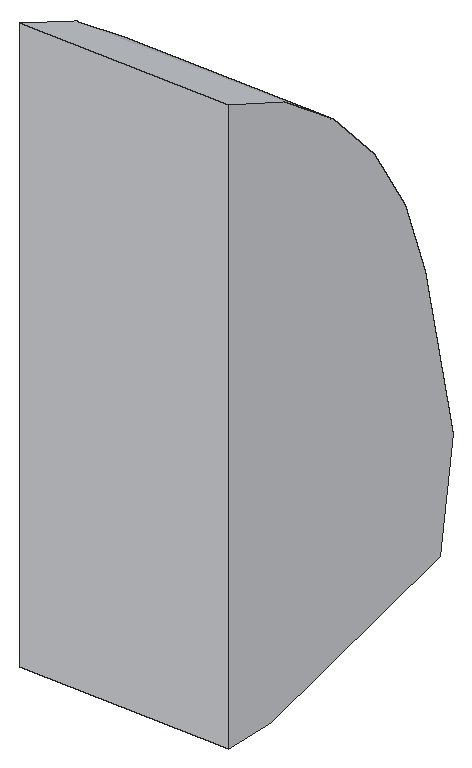
Revit family "DAN DRYER Stainless Design Mini Design 282", category Furniture Systems, host Wall, Revit 2018
Family settings
  Host = Wall
  Round Connector Dimension = Use Diameter
  Part Type = Normal
  Always vertical = Yes
  Cut with Voids When Loaded = No
  Shared = No
  Room Calculation Point = No
Parameters (values of type "Stål")
  Wicth = 120 mm
  URL = "http://www.dandryer.com/Files/Billeder/PDF/Datablade/Nye/GB_282-Medic%20dispenser_data%20sheet.pdf"
  Type Image = <None>
  Offset from Floor = 1500 mm
  Model = "Stainless design"
  Manufacturer = "http://www.dandryer.com/"
  Height = 339 mm
  Description = "STAINLESS DESIGN touch-free dispenser for liquid soap or sanitizer, item no. 282-MEDIC"
  Cost = 0
Reference planes
  plane 1 "Wall": y = 0
  plane 2 "Center (Left/Right)": x = 125
  plane 3 "Back": y = 75
  plane 4 "Top": z = 1500
  plane 5 "Bund": z = 1161
  plane 6: x = 185
  plane 7: x = 65
Forms (mm)
  Extrusion 1, solid
    sketch origin (125, 0, 0) x (0, 1, 0) y (0, 0, 1)
      loop
        line (75, 1161) -> (105, 1161) -> (225.741, 1193.352) -> (235.127, 1252.614)
        arc (235.127, 1252.614) -> (227.544, 1299.386) -> (215.127, 1345.114) r 454
        arc (215.127, 1345.114) -> (164.741, 1437.327) -> (75, 1491.993) r 203
        line (75, 1491.993) -> (75, 1161)
    from -60 to 60
  Extrusion 2, void
    sketch origin (125, 105, 1161) x (0, -0.965926, -0.258819) y (1, 0, 0)
      loop
        line (-16.91, 45.054) -> (-16.91, 25.054) -> (-11.91, 25.054) -> (-11.91, 45.054) -> (-16.91, 45.054)
      loop
        line (-16.91, 18.929) -> (-16.91, 12.147) -> (-11.91, 12.147) -> (-11.91, 18.929) -> (-16.91, 18.929)
    from 0 to 5
Cuts and joins
  Extrusion 2 cuts Extrusion 1
Text (mm)
  text "Placement Side" at (-1848.837, 1116.779, 0), in view "Ref. Level"
  text "Placement side" at (0, 1409.804, 2854.306), in view "Left"
  text "Placement side" at (0, 499.811, 2980.732), in view "Right"
Dimensions and locks
  locked: plane 3 "Back" to host wall
  "Height": plane 5 "Bund" to plane 4 "Top"
  equal spacing: plane 7, plane 2 "Center (Left/Right)", plane 6
  "Wicth": plane 7 to plane 6
  "Offset from Floor": level to plane 4 "Top"
  aligned and locked: plane 1 "Wall" to host wall
  aligned and locked: Extrusion 1 sketch curve to host wall
  aligned and locked: plane 7 to Extrusion 1
  aligned and locked: Extrusion 1 to plane 6
Automatic sketch dimensions
  Extrusion 1 sketch curve to plane 5 "Bund" = 0 mm
  Extrusion 1 sketch curve to host wall = 17.862 mm
  plane 5 "Bund" to Extrusion 1 sketch curve = 42.441 mm
  host wall to Extrusion 1 sketch curve = 141.202 mm
  Extrusion 1 sketch curve to Extrusion 1 sketch curve = 30 mm
  plane 5 "Bund" to Extrusion 1 sketch curve = 32.352 mm
  Extrusion 1 sketch curve to Extrusion 1 sketch curve = 120.741 mm
  Extrusion 1 sketch curve to Extrusion 1 sketch curve = 9.386 mm
  Extrusion 1 sketch curve to Extrusion 1 sketch curve = 59.261 mm
  plane 5 "Bund" to Extrusion 1 sketch curve = 136.2 mm
  Extrusion 1 sketch curve to Extrusion 1 sketch curve = 20 mm
  Extrusion 1 to Extrusion 2 sketch curve = 16.91 mm
  Extrusion 2 sketch curve to Extrusion 2 sketch curve = 0 mm
  Extrusion 2 sketch curve to Extrusion 2 sketch curve = 5 mm  (x2)
  Extrusion 2 sketch curve to Extrusion 1 = 47.853 mm
  Extrusion 2 sketch curve to Extrusion 2 sketch curve = 6.783 mm
  Extrusion 2 sketch curve to Extrusion 2 sketch curve = 6.125 mm
  Extrusion 2 sketch curve to Extrusion 1 = 14.946 mm
